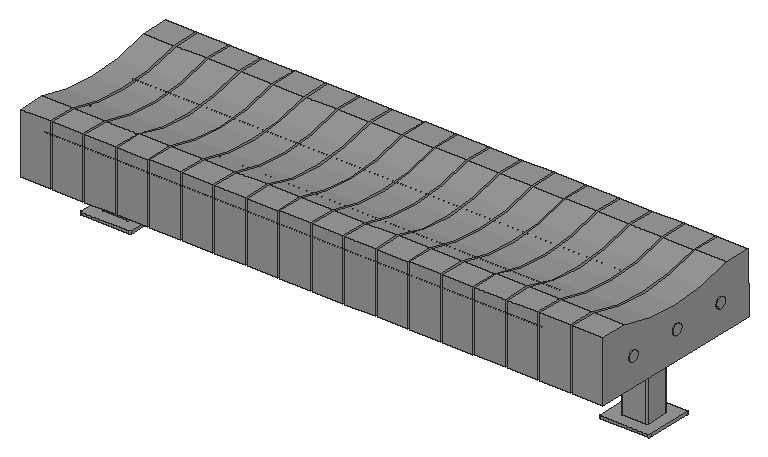
Revit family "Скамейка без спинки «Астана»", category Антураж, Revit 2017
Family settings
  На основе рабочей плоскости = Нет
  Всегда вертикально = Да
  При загрузке вырезать с полостями = Нет
  Источник визуального образа = Геометрия семейства
  Общий = Нет
  Точка расчета площади = Нет
Parameters (values of type "Скамейка без спинки «Астана»_Сосна")
  Стоимость = 66905
  Изготовитель = "ООО \"Хоббика\""
  Высота = 0 mm
  URL = "https://hobbyka.ru/product/skameyka_bez_spinki_astana/?sphrase_id=94607"
  ADSK_Размер_Ширина = 800 mm  # constant formula
  ADSK_Размер_Длина = 1800 mm  # constant formula
  ADSK_Размер_Высота = 400 mm  # constant formula
  ADSK_Наименование = "Скамейка без спинки «Астана»"
  ADSK_Материал опоры = FS_Металл_Оцинкованный_Хром
  ADSK_Материал доски = FS_Древесина_Сосна тонированная_Груша
  ADSK_Код изделия = "11209"  # constant formula
Types (3, lengths in mm): name | Стоимость | ADSK_Материал доски
  (no name) | 66905 | FS_Древесина_Сосна тонированная_Груша
  Скамейка без спинки «Астана»_Сосна | 66905 | FS_Древесина_Сосна тонированная_Груша
  Скамейка без спинки «Астана»_Лиственница | 92458 | FS_Древесина_Лиственница тонированная_Груша
Reference planes
  plane 1 "По центру (Вперед/Назад)": y = 0
  plane 2: z = 0
  plane 3 "По центру (Влево/Вправо)": x = 0
  plane 4: x = -900
  plane 5: x = 900
  plane 6: x = -961.84
  plane 7: x = 961.84
  plane 8: x = -968
  plane 9: x = 968
Forms (mm)
  Extrusion 1, solid, material "FS_Металл_Оцинкованный_Хром" <- "ADSK_Материал опоры"
    sketch origin (0, 0, 0) x (0, 1, 0) y (0, 0, 1)
      loop
        circle (-180, 295) r 16.5
      loop
        circle (0, 295) r 16.5
      loop
        circle (180, 295) r 16.5
    from -968 to 968
Dimensions and locks
  equal spacing: plane 4, plane 3 "По центру (Влево/Вправо)", plane 5
  "ADSK_Размер_Длина": plane 4 to plane 5
  equal spacing: group 1, group 3, group 4, group 5, group 6, group 7, group 8, group 9, group 10, group 11, group 12, group 13, group 14, group 15, group 16, group 17, group 18, group 2  (x3)
  equal spacing: plane 8, plane 3 "По центру (Влево/Вправо)", plane 9
  plane 8 to plane 3 "По центру (Влево/Вправо)" = 968 mm
  aligned and locked: level to plane 2
  aligned and locked: nested 1 to plane 4
  aligned and locked: plane 5 to nested 2
  aligned and locked: plane 1 "По центру (Вперед/Назад)" to nested 2
  aligned and locked: plane 1 "По центру (Вперед/Назад)" to nested 1
  aligned and locked: nested 3 to plane 1 "По центру (Вперед/Назад)"
  aligned and locked: Extrusion 1 to plane 8
  aligned and locked: plane 9 to Extrusion 1
Automatic sketch dimensions
  plane 1 "По центру (Вперед/Назад)" to Extrusion 1 sketch curve = 180 mm
  level to Extrusion 1 sketch curve = 295 mm
  Extrusion 1 sketch curve to Extrusion 1 sketch curve = 16.5 mm  (x3)
  Extrusion 1 sketch curve to plane 1 "По центру (Вперед/Назад)" = 0 mm
  Extrusion 1 sketch curve to Extrusion 1 sketch curve = 0 mm  (x4)
  Extrusion 1 sketch curve to Extrusion 1 sketch curve = 163.5 mm
Nested families
  nested 1: "Опора" at (-853.84, 0, 0), Материал <- "ADSK_Материал опоры", type "Опора"
    with Материал FS_Металл_Оцинкованный_Хром
  nested 2: "Опора" at (860, 0, 0), Материал <- "ADSK_Материал опоры", type "Опора"
    with Материал FS_Металл_Оцинкованный_Хром
  nested 3: "Семейство9" at (-861.84, 0, 200) x (-1, 0, 0) z (0, 0, 1), Материал <- "ADSK_Материал доски", type "Семейство9"
    with Материал FS_Древесина_Сосна тонированная_Груша
  nested 4: "Семейство9" at (961.84, 0, 200) x (-1, 0, 0) z (0, 0, 1), Материал <- "ADSK_Материал доски", type "Семейство9"
    with Материал FS_Древесина_Сосна тонированная_Груша
  nested 5: "Семейство9" at (-754.565, 0, 200) x (-1, 0, 0) z (0, 0, 1), Материал <- "ADSK_Материал доски", type "Семейство9"
    with Материал FS_Древесина_Сосна тонированная_Груша
  nested 6: "Семейство9" at (-647.289, 0, 200) x (-1, 0, 0) z (0, 0, 1), Материал <- "ADSK_Материал доски", type "Семейство9"
    with Материал FS_Древесина_Сосна тонированная_Груша
  nested 7: "Семейство9" at (-540.014, 0, 200) x (-1, 0, 0) z (0, 0, 1), Материал <- "ADSK_Материал доски", type "Семейство9"
    with Материал FS_Древесина_Сосна тонированная_Груша
  nested 8: "Семейство9" at (-432.739, 0, 200) x (-1, 0, 0) z (0, 0, 1), Материал <- "ADSK_Материал доски", type "Семейство9"
    with Материал FS_Древесина_Сосна тонированная_Груша
  nested 9: "Семейство9" at (-325.464, 0, 200) x (-1, 0, 0) z (0, 0, 1), Материал <- "ADSK_Материал доски", type "Семейство9"
    with Материал FS_Древесина_Сосна тонированная_Груша
  nested 10: "Семейство9" at (-218.188, 0, 200) x (-1, 0, 0) z (0, 0, 1), Материал <- "ADSK_Материал доски", type "Семейство9"
    with Материал FS_Древесина_Сосна тонированная_Груша
  nested 11: "Семейство9" at (-110.913, 0, 200) x (-1, 0, 0) z (0, 0, 1), Материал <- "ADSK_Материал доски", type "Семейство9"
    with Материал FS_Древесина_Сосна тонированная_Груша
  nested 12: "Семейство9" at (-3.638, 0, 200) x (-1, 0, 0) z (0, 0, 1), Материал <- "ADSK_Материал доски", type "Семейство9"
    with Материал FS_Древесина_Сосна тонированная_Груша
  nested 13: "Семейство9" at (103.638, 0, 200) x (-1, 0, 0) z (0, 0, 1), Материал <- "ADSK_Материал доски", type "Семейство9"
    with Материал FS_Древесина_Сосна тонированная_Груша
  nested 14: "Семейство9" at (210.913, 0, 200) x (-1, 0, 0) z (0, 0, 1), Материал <- "ADSK_Материал доски", type "Семейство9"
    with Материал FS_Древесина_Сосна тонированная_Груша
  nested 15: "Семейство9" at (318.188, 0, 200) x (-1, 0, 0) z (0, 0, 1), Материал <- "ADSK_Материал доски", type "Семейство9"
    with Материал FS_Древесина_Сосна тонированная_Груша
  nested 16: "Семейство9" at (425.464, 0, 200) x (-1, 0, 0) z (0, 0, 1), Материал <- "ADSK_Материал доски", type "Семейство9"
    with Материал FS_Древесина_Сосна тонированная_Груша
  nested 17: "Семейство9" at (532.739, 0, 200) x (-1, 0, 0) z (0, 0, 1), Материал <- "ADSK_Материал доски", type "Семейство9"
    with Материал FS_Древесина_Сосна тонированная_Груша
  nested 18: "Семейство9" at (640.014, 0, 200) x (-1, 0, 0) z (0, 0, 1), Материал <- "ADSK_Материал доски", type "Семейство9"
    with Материал FS_Древесина_Сосна тонированная_Груша
  nested 19: "Семейство9" at (747.289, 0, 200) x (-1, 0, 0) z (0, 0, 1), Материал <- "ADSK_Материал доски", type "Семейство9"
    with Материал FS_Древесина_Сосна тонированная_Груша
  nested 20: "Семейство9" at (854.565, 0, 200) x (-1, 0, 0) z (0, 0, 1), Материал <- "ADSK_Материал доски", type "Семейство9"
    with Материал FS_Древесина_Сосна тонированная_Груша
Definition of nested family "Опора"
  Parameters (values of type "Опора")
    Материал [instance] = none
    Height = 0 mm
  Reference planes
    plane 1 "По центру (Вперед/Назад)": y = 0
    plane 2: z = 0
    plane 3 "По центру (Влево/Вправо)": x = 0
    plane 4: x = -8
    plane 5: x = 8
  Forms (mm)
    Extrusion 1, solid, material <- "Материал"
      sketch origin (0, 0, 0) x (1, 0, 0) y (0, 1, 0)
        loop
          line (-81.16, -80) -> (75, -80)
          arc (75, -80) -> (78.536, -78.536) -> (80, -75) r 5
          line (80, -75) -> (80, 75)
          arc (80, 75) -> (78.536, 78.536) -> (75, 80) r 5
          line (75, 80) -> (-81.16, 80)
          arc (-81.16, 80) -> (-84.696, 78.536) -> (-86.16, 75) r 5
          line (-86.16, 75) -> (-86.16, -75)
          arc (-86.16, -75) -> (-84.696, -78.536) -> (-81.16, -80) r 5
      from 0 to 8
    Extrusion 2, solid, material <- "Материал"
      sketch origin (0, 0, 0) x (1, 0, 0) y (0, 1, 0)
        loop
          line (-41.16, -40) -> (35, -40)
          arc (35, -40) -> (38.536, -38.536) -> (40, -35) r 5
          line (40, -35) -> (40, 35)
          arc (40, 35) -> (38.536, 38.536) -> (35, 40) r 5
          line (35, 40) -> (-41.16, 40)
          arc (-41.16, 40) -> (-44.696, 38.536) -> (-46.16, 35) r 5
          line (-46.16, 35) -> (-46.16, -35)
          arc (-46.16, -35) -> (-44.696, -38.536) -> (-41.16, -40) r 5
      from 8 to 200
  Lines and regions (mm)
    model lines
      curve 1: line (-8, 113.369, 0) -> (-8, -146.53, 0)
      curve 2: line (8, 113.369, 0) -> (8, -146.53, 0)
  Dimensions and locks
    plane 4 to plane 3 "По центру (Влево/Вправо)" = 8 mm
    aligned and locked: level to plane 2
    aligned and locked: Extrusion 2 to Extrusion 1
Definition of nested family "Семейство9"
  Parameters (values of type "Семейство9")
    Default Elevation = 1219.2 mm
    Материал [instance] = none
  Reference planes
    plane 1 "По центру (Вперед/Назад)": y = 0
    plane 2: z = 0
    plane 3 "По центру (Влево/Вправо)": x = 0
    plane 4: y = 300
    plane 5: y = -300
    plane 6: z = 200
    plane 7: y = 210
    plane 8: y = -210
    plane 9: z = 166
    plane 10: z = 95
    plane 11: y = 180
    plane 12: y = -180
  Forms (mm)
    Extrusion 1, solid
      sketch origin (0, 0, 0) x (1, 0, 0) y (0, 1, 0)
        loop
          line (-1219.2, 1219.2) -> (-1219.2, -1219.2) -> (1219.2, -1219.2) -> (1219.2, 1219.2) -> (-1219.2, 1219.2)
      from 0 to -304.8
    Extrusion 2, solid, material <- "Материал"
      sketch origin (0, 0, 0) x (0, 1, 0) y (0, 0, 1)
        loop
          arc (210, 200) -> (0, 166) -> (-210, 200) r 665.529
          line (-210, 200) -> (-300, 200) -> (-300, 0) -> (300, 0) -> (300, 200) -> (210, 200)
      from 0 to 100
    Extrusion 3, void
      sketch origin (0, 0, 0) x (0, 1, 0) y (0, 0, 1)
        loop
          circle (0, 95) r 16.5
        loop
          circle (-180, 95) r 16.5
        loop
          circle (180, 95) r 16.5
      from 0 to 250
  Cuts and joins
    Extrusion 3 cuts Extrusion 2
  Dimensions and locks
    equal spacing: plane 4, plane 1 "По центру (Вперед/Назад)", plane 5
    plane 4 to plane 1 "По центру (Вперед/Назад)" = 300 mm
    plane 6 to level = 200 mm
    plane 4 to plane 7 = 90 mm
    plane 8 to plane 5 = 90 mm
    plane 6 to plane 9 = 34 mm
    plane 10 to Extrusion 1 = 95 mm
    plane 4 to plane 11 = 120 mm
    plane 12 to plane 5 = 120 mm
    aligned and locked: plane 2 to Extrusion 1
    aligned and locked: level to Extrusion 1
  Automatic sketch dimensions
    Extrusion 1 sketch curve to Extrusion 1 sketch curve = 2438.4 mm  (x2)
    Extrusion 2 sketch curve to level = 0 mm
    Extrusion 2 sketch curve to plane 5 = 0 mm
    Extrusion 2 sketch curve to plane 6 = 0 mm  (x2)
    Extrusion 2 sketch curve to plane 8 = 0 mm
    Extrusion 2 sketch curve to plane 7 = 0 mm
    Extrusion 2 sketch curve to plane 4 = 0 mm
    plane 6 to Extrusion 2 sketch curve = 631.529 mm
    Extrusion 3 sketch curve to plane 10 = 0 mm  (x3)
    Extrusion 3 sketch curve to plane 12 = 0 mm
    Extrusion 3 sketch curve to plane 1 "По центру (Вперед/Назад)" = 0 mm
    Extrusion 3 sketch curve to plane 11 = 0 mm
    radius of Extrusion 3 sketch curve = 16.5 mm  (x3)
